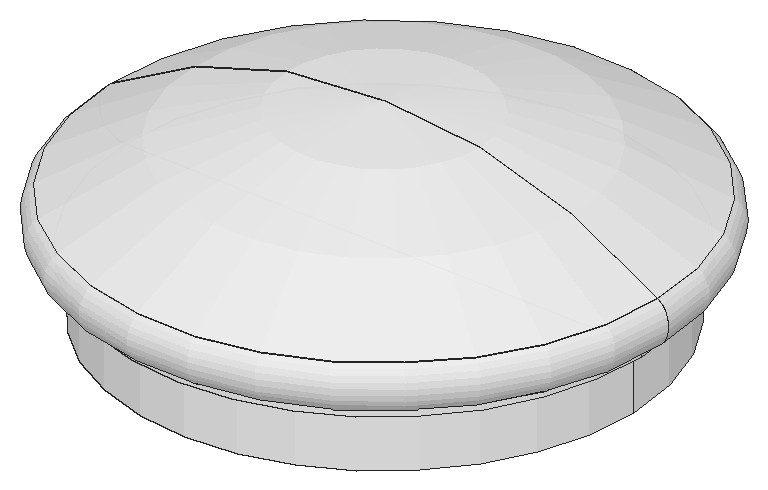
Revit family "3079103 Sylvania_Clio LED_Surface Mounted", category Lighting Fixtures, host Face, Revit 2017
Family settings
  Host = Face
  Round Connector Dimension = Use Diameter
  Part Type = Normal
  OmniClass Number = 23.80.70.11.17
  OmniClass Title = Specialized Lighting by Location or Use
  Cut with Voids When Loaded = No
  Light Source = Yes
  Shared = No
  Room Calculation Point = No
Parameters (values of type "CLIO 320 HO LED 20W NW EB")
  Wattage = 21 W
  built-in parameter 1150110 = 1 (stored number, unit not read)
  Voltage Comments = "UNV (Universal Voltage; 230-240 Volt)"  # constant formula
  Voltage = 230 V  # constant formula
  URL = "http://www.sylvania-lighting.com"
  built-in parameter 1114217 = 1 (stored number, unit not read)
  Tilt Angle = -90.00°
  built-in parameter 1150109 = 1 (stored number, unit not read)
  built-in parameter 1150134 = 12
  built-in parameter 1150113 = 1 (stored number, unit not read)
  Radius = 160.00 mm
  Product Page URL = "http://www.sylvania-lighting.com/product/en-int/products/3079103"
  Product Family = "CLIO LED"  # constant formula
  Photometry Comments = ""
  Photometric Web File = "3079102_Clio320HOLED4000K-180002.ies"
  Life = "40 000h"  # constant formula
  IP Rating = "IP 44"  # constant formula
  IK Rating = "IK 04"  # constant formula
  Height = 108.00 mm
  Electrical Protection = "Class II"  # constant formula
  Drive Current = "265 mA"  # constant formula
  Diameter = Radius * 2  # 320.00 mm
  Difuser Material = Acrylic Glass_Sylvania_Clio LED_White
  built-in parameter 1114216 [instance] = 1 (stored number, unit not read)
  Model = "CLIO 320 HO LED 20W NW EB"
  Manufacturer = "Feilo Sylvania"
  built-in parameter 1150105 = 116.98 (stored number, unit not read)
  Lumens = 1470 lm
  built-in parameter 1150115 = 1 (stored number, unit not read)
  built-in parameter 1150137 = (empty or 0)
  built-in parameter 1150139 = (empty or 0)
  built-in parameter 1150112 = 1 (stored number, unit not read)
  built-in parameter 1150114 = 1 (stored number, unit not read)
  Lamp Comments = "Integrated LED"  # constant formula
  Lamp = "15W"  # constant formula
  built-in parameter 1150132 = 2
  built-in parameter 1150102 = (empty or 0)
  built-in parameter 1150107 = 4000 (stored number, unit not read)
  built-in parameter 1150138 = (empty or 0)
  built-in parameter 1150106 = 1.1698 (stored number, unit not read)
  Body Material = Polycarbonate_Sylvania_Clio LED_White
  built-in parameter 1150104 = 6.5032 (stored number, unit not read)
  Dimming Lamp Color Temperature Shift = <None>
  Description = "Clio LED is a new range of wall and\r\nceiling mounted ambient LED luminaires.\r\nThanks to its IP44 rating, the range can be\r\nused in corridors, circulation spaces and\r\nfoyers or applicable zone 1 bathroom and\r\nwet areas.\r\nClio LED benefits from a simple yet\r\nrobust design. It offers a uniform light\r\ndistribution whilst providing an ambient\r\nhalo lighting effect on the wall surface.\r\nClio LED allows for surface wiring and also\r\nhas loop-in loop-out capability, making it a\r\ncontractor’s first choice."  # constant formula
  Default Elevation = 0.00 mm
  Color Filter = 16777215
  Catalog Number = "3079102 CLIO 320 HO LED 20W WW EB"
  built-in parameter 1140040 [instance] = 1
  built-in parameter 1114218 = 1 (stored number, unit not read)
  built-in parameter 1150133 = 10 (stored number, unit not read)
  Assembly Code = "D5020200"
  Apparent Load Comments = ""
  Apparent Load = 20 VA
Types (3, lengths in mm): name | Wattage | built-in parameter 1150134 | Photometric Web File | Model | built-in parameter 1150105 | Lumens | built-in parameter 1150107 | built-in parameter 1150106 | Catalog Number | Apparent Load
  CLIO 320 HO LED 20W WW EB | 20 W | (empty or 0) | "3079101 20W 3000K.ies" | "CLIO 320 HO LED 20W WW EB" | 111.41 (stored number, unit not read) | 1400 lm | 3000 (stored number, unit not read) | 1.1141 (stored number, unit not read) | "3079101 CLIO 320 HO LED 20W WW EB" | 20 VA
  CLIO 320 HO LED 20W NW EB | 21 W | 12 | "3079102_Clio320HOLED4000K-180002.ies" | "CLIO 320 HO LED 20W NW EB" | 116.98 (stored number, unit not read) | 1470 lm | 4000 (stored number, unit not read) | 1.1698 (stored number, unit not read) | "3079102 CLIO 320 HO LED 20W WW EB" | 20 VA
  CLIO 320 LO LED 15W WW EB | 14.2857 W | (empty or 0) | "3079103_Clio320LOLED3000K-180013.ies" | "CLIO 320 LO LED 15W WW EB" | 268.69 (stored number, unit not read) | 1000 lm | 3000 (stored number, unit not read) | 2.6869 (stored number, unit not read) | "3079103 CLIO 320 LO LED 15W WW EB" | 15 VA
Reference planes
  plane 1 "Center (Front/Back)": y = 0
  plane 2: z = 0
  plane 3 "Center (Left/Right)": x = 0
  plane 4 "Fixture Bottom": z = 108
  plane 5 "Fixture Right": x = 160
  plane 6 "Fixture Left": x = -160
  plane 7: z = 30
  plane 8: z = 35
  plane 9: x = 140
  plane 10: x = 145
  plane 11: x = -140
  plane 12: x = -145
  plane 13: x = 154
  plane 14: x = -154
Forms (mm)
  Revolve 1, solid, material "Polycarbonate_Sylvania_Clio LED_White" <- "Body Material", detail levels fine
    sketch origin (0, 0, 0) x (1, 0, 0) y (0, 0, 1)
      loop
        line (0, 0) -> (140, 0) -> (140, 30) -> (145, 30) -> (145, 35) -> (0, 35) -> (0, 0)
      axis (0, 35) -> (0, 0)
    angle from 0 to 360
  Revolve 2, solid, material "Acrylic Glass_Sylvania_Clio LED_White" <- "Difuser Material", detail levels fine
    sketch origin (0, 0, 0) x (1, 0, 0) y (0, 0, 1)
      loop
        line (0, 35) -> (145, 35)
        arc (145, 35) -> (159.252, 45.278) -> (154, 62.045) r 15.02
        arc (154, 62.045) -> (80.556, 96.941) -> (0, 108) r 265.802
        line (0, 108) -> (0, 35)
      axis (0, 108) -> (0, 35)
    angle from 0 to 360
  Revolve 3, solid, material "Polycarbonate_Sylvania_Clio LED_White" <- "Body Material", detail levels coarse+medium
    sketch origin (0, 0, 0) x (1, 0, 0) y (0, 0, 1)
      loop
        line (0, 108) -> (0, 0) -> (140, 0) -> (140, 30) -> (145, 30) -> (145, 35)
        arc (145, 35) -> (159.235, 45.283) -> (154, 62.045) r 15.028
        arc (154, 62.045) -> (80.556, 96.941) -> (0, 108) r 265.802
      axis (0, 108) -> (0, 0)
    angle from 0 to 360
Dimensions and locks
  "Height": plane 4 "Fixture Bottom" to plane 2
  equal spacing: plane 5 "Fixture Right", plane 3 "Center (Left/Right)", plane 6 "Fixture Left"
  "Diameter": plane 5 "Fixture Right" to plane 6 "Fixture Left"
  plane 8 to plane 7 to plane 2 = 5.00 mm locked, 30.00 mm locked
  locked: plane 5 "Fixture Right" to plane 10 at 15
  locked: plane 5 "Fixture Right" to plane 9 at 20
  locked: plane 5 "Fixture Right" to plane 13 at 6
  locked: plane 11 to plane 6 "Fixture Left" at 20
  locked: plane 12 to plane 6 "Fixture Left" at 15
  locked: plane 14 to plane 6 "Fixture Left" at 6
  aligned and locked: host face to plane 2
  aligned and locked: level to host face
  aligned and locked: plane 3 "Center (Left/Right)" to Revolve 1 sketch curve
  aligned and locked: Revolve 1 sketch curve to plane 2
  aligned and locked: plane 8 to Revolve 1 sketch curve
  aligned and locked: Revolve 1 sketch curve to plane 7
  aligned and locked: Revolve 1 sketch curve to plane 9
  aligned and locked: Revolve 1 sketch curve to plane 10
  aligned and locked: Revolve 2 sketch curve to plane 8
  aligned and locked: Revolve 2 sketch curve to plane 3 "Center (Left/Right)"  (x2)
  aligned and locked: plane 10 to Revolve 2 sketch curve
  aligned and locked: plane 2 to Revolve 3 sketch curve
  aligned and locked: plane 9 to Revolve 3 sketch curve
  aligned and locked: Revolve 3 sketch curve to plane 7
  aligned and locked: plane 10 to Revolve 3 sketch curve
  aligned and locked: Revolve 3 sketch curve to plane 3 "Center (Left/Right)"  (x2)
  aligned and locked: imposter light to plane 3 "Center (Left/Right)"
  aligned and locked: plane 4 "Fixture Bottom" to imposter light
  aligned and locked: plane 13 to Revolve 3 sketch curve
  aligned and locked: plane 8 to Revolve 3 sketch curve
  aligned and locked: plane 4 "Fixture Bottom" to Revolve 3 sketch curve
  aligned and locked: plane 13 to Revolve 2 sketch curve
  aligned and locked: plane 4 "Fixture Bottom" to Revolve 2 sketch curve
Automatic sketch dimensions
  host sketch curve to host sketch curve = 1337.794 mm
  host sketch curve to host sketch curve = 1283.632 mm
  Revolve 1 sketch curve to plane 3 "Center (Left/Right)" = 0.00 mm
  Revolve 1 sketch curve to level = 55.00 mm
  Revolve 1 sketch curve to Revolve 1 sketch curve = 25.00 mm
  plane 3 "Center (Left/Right)" to Revolve 3 sketch curve = 4.551 mm
  plane 10 to Revolve 3 sketch curve = 0.025 mm
  Revolve 3 sketch curve to level = 45.00 mm
  plane 8 to Revolve 3 sketch curve = 15.028 mm
  Revolve 3 sketch curve to Revolve 3 sketch curve = 67.00 mm
  plane 3 "Center (Left/Right)" to Revolve 2 sketch curve = 4.551 mm
  level to Revolve 2 sketch curve = 10.00 mm
  Revolve 2 sketch curve to Revolve 2 sketch curve = 12.025 mm
  Revolve 2 sketch curve to Revolve 2 sketch curve = 42.00 mm
Connectors
  electrical at (0, 0, 0), driven by "Voltage", driven by "Apparent Load"
    settings: on Revolve 1, index 1, voltage 230 V, apparent load 0 VA, apparent load phase1 20 VA, apparent load phase2 0 VA, apparent load phase3 0 VA, power factor 1, load classification "Lighting", number of poles 1, system type 31, power factor state 1, is connector primary yes, connector utility no, sub classification motor no, connector description ""
